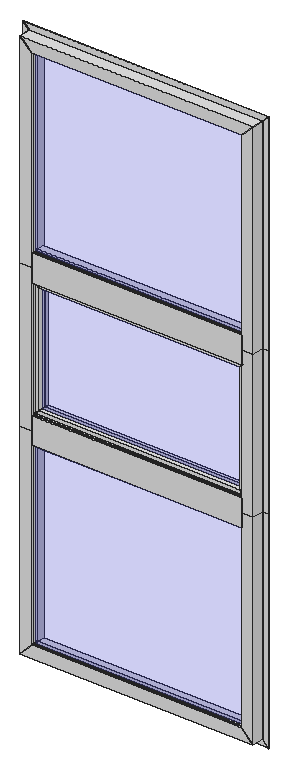
Revit family "511_AWN-AU_stucco key", category Windows, host Wall, Revit 2016 (continued)
Automatic sketch dimensions
  curve 34 to curve 35 = 2 1/2"
  curve 34 to curve 33 = 2 1/2"
  curve 35 to curve 33 = 2 1/2"
  curve 29 to curve 36 = 1 1/2"
  curve 37 to plane 2 "Center (Left/Right)" = 0.3301"
  curve 42 to curve 44 = 2 1/2"
  curve 43 to curve 42 = 2 1/2"
  curve 42 to curve 44 = 0"
  curve 44 to curve 42 = 2 1/2"
  curve 38 to curve 45 = 1 1/2"
  curve 46 to plane 2 "Center (Left/Right)" = 0.04511"
  curve 47 to plane 22 = 0"
  curve 48 to plane 22 = 0"
  curve 49 to curve 53 = 2 1/2"
  curve 54 to curve 49 = 2"
  curve 57 to curve 56 = 0"
  curve 58 to curve 62 = 2 1/2"
  curve 63 to curve 58 = 2"
  curve 66 to curve 65 = 0"
  Extrusion 9 sketch curve to Extrusion 9 sketch curve = 0.74861"
  Extrusion 9 sketch curve to Extrusion 9 sketch curve = 0.62139"
  Extrusion 9 sketch curve to Extrusion 9 sketch curve = 0.7445"
  Extrusion 9 sketch curve to plane 23 = 0.06195"
  Extrusion 10 sketch curve to Extrusion 10 sketch curve = 0.7445"
  Extrusion 10 sketch curve to Extrusion 10 sketch curve = 0.6255"
  Extrusion 8 sketch curve to Extrusion 8 sketch curve = 0.00411"
  Extrusion 8 sketch curve to Extrusion 8 sketch curve = 0.88749"
  Extrusion 7 sketch curve to Extrusion 7 sketch curve = 0.188"
  Extrusion 7 sketch curve to plane 17 = 0.50321"
  Extrusion 7 sketch curve to Extrusion 7 sketch curve = 0.7445"
  Extrusion 7 sketch curve to Extrusion 7 sketch curve = 0.6255"
  Extrusion 5 sketch curve to Extrusion 5 sketch curve = 0.6255"
  plane 20 to Extrusion 5 sketch curve = 0.18515"
  Extrusion 5 sketch curve to Extrusion 5 sketch curve = 0.7445"
  Extrusion 6 sketch curve to Extrusion 6 sketch curve = 0.7445"
  plane 20 to Extrusion 1 sketch curve = 0.18515"
  Extrusion 1 sketch curve to Extrusion 1 sketch curve = 0.7445"
  Extrusion 2 sketch curve to plane 21 = 0.1855"
  Extrusion 2 sketch curve to plane 21 = 0.18215"
  Extrusion 2 sketch curve to Extrusion 2 sketch curve = 3/8"
  Extrusion 2 sketch curve to Extrusion 2 sketch curve = 0.7445"
  plane 21 to Extrusion 4 sketch curve = 0.439"
  plane 21 to Extrusion 4 sketch curve = 0.501"
  Extrusion 4 sketch curve to Extrusion 4 sketch curve = 0.7445"
  Extrusion 3 sketch curve to Extrusion 3 sketch curve = 0.7445"
  plane 20 to Extrusion 3 sketch curve = 1/8"
Types (55): name | MLW3 | MLW2 | MLH | Interior Color | Height | Exterior Color | Width | BSU | BSA | AH
  (no name) | 5 1/4" | 5 1/4" | 24" | White | 114" | White | 48" | 42" | 42" | 30"
  15x36Min | 1 1/2" | 1 1/2" | 7 1/2" | none | 36" | none | 15" | 12" | 12" | 18"
  36x72 | 3" | 3" | 18" | none | 72" | none | 36" | 24" | 24" | 24"
  48x120Max | 5 1/2" | 5 1/2" | 24" | none | 120" | none | 48" | 44" | 44" | 32"
  24x48 | 2" | 2" | 12" | none | 48" | none | 24" | 16" | 16" | 18"
  24x36 | 1 1/2" | 1 1/2" | 12" | none | 36" | none | 24" | 12" | 12" | 12"
  24x42 | 1 1/2" | 1 1/2" | 12" | none | 42" | none | 24" | 12" | 12" | 18"
  24x54 | 2 1/4" | 2 1/4" | 12" | none | 54" | none | 24" | 18" | 18" | 18"
  24x60 | 2 1/2" | 2 1/2" | 12" | none | 60" | none | 24" | 20" | 20" | 20"
  24x66 | 2 3/4" | 2 3/4" | 12" | none | 66" | none | 24" | 22" | 22" | 22"
  24x72 | 3" | 3" | 12" | none | 72" | none | 24" | 24" | 24" | 24"
  24x78 | 3" | 3" | 12" | none | 78" | none | 24" | 24" | 24" | 30"
  24x84 | 3 3/4" | 3 3/4" | 12" | none | 84" | none | 24" | 30" | 30" | 24"
  30x36 | 1 1/2" | 1 1/2" | 15" | none | 36" | none | 30" | 12" | 12" | 12"
  30x42 | 1 1/2" | 1 1/2" | 15" | none | 42" | none | 30" | 12" | 12" | 18"
  30x48 | 1 1/2" | 1 1/2" | 15" | none | 42" | none | 30" | 12" | 12" | 18"
  30x54 | 2 1/4" | 2 1/4" | 15" | none | 54" | none | 30" | 18" | 18" | 18"
  30x60 | 2 1/2" | 2 1/2" | 15" | none | 60" | none | 30" | 20" | 20" | 20"
  30x66 | 2 3/4" | 2 3/4" | 15" | none | 66" | none | 30" | 22" | 22" | 22"
  30x72 | 3" | 3" | 15" | none | 72" | none | 30" | 24" | 24" | 24"
  30x78 | 3" | 3" | 15" | none | 78" | none | 30" | 24" | 24" | 30"
  30x84 | 3 3/4" | 3 3/4" | 15" | none | 84" | none | 30" | 30" | 30" | 24"
  36x42 | 1 1/2" | 1 1/2" | 18" | none | 42" | none | 36" | 12" | 12" | 18"
  36x48 | 2" | 2" | 18" | none | 48" | none | 36" | 16" | 16" | 16"
  36x54 | 2 1/4" | 2 1/4" | 18" | none | 54" | none | 36" | 18" | 18" | 18"
  36x60 | 2 1/2" | 2 1/2" | 18" | none | 60" | none | 36" | 20" | 20" | 20"
  36x66 | 2 3/4" | 2 3/4" | 18" | none | 66" | none | 36" | 22" | 22" | 22"
  36x78 | 3 1/4" | 3 1/4" | 18" | none | 78" | none | 36" | 26" | 26" | 26"
  36x84 | 3 3/4" | 3 3/4" | 18" | none | 84" | none | 36" | 30" | 30" | 24"
  36x90 | 3 3/4" | 3 3/4" | 18" | none | 90" | none | 36" | 30" | 30" | 30"
  42x48 | 2" | 2" | 21" | none | 48" | none | 42" | 16" | 16" | 16"
  42x54 | 2 1/4" | 2 1/4" | 21" | none | 54" | none | 42" | 18" | 18" | 18"
  42x60 | 2 1/2" | 2 1/2" | 21" | none | 60" | none | 42" | 20" | 20" | 20"
  42x66 | 2 3/4" | 2 3/4" | 21" | none | 66" | none | 42" | 22" | 22" | 22"
  42x72 | 3" | 3" | 21" | none | 72" | none | 42" | 24" | 24" | 24"
  42x78 | 3 1/4" | 3 1/4" | 21" | none | 78" | none | 42" | 26" | 26" | 26"
  42x84 | 3 1/2" | 3 1/2" | 21" | none | 84" | none | 42" | 28" | 28" | 28"
  42x90 | 3 3/4" | 3 3/4" | 21" | none | 90" | none | 42" | 30" | 30" | 30"
  42x96 | 4" | 4" | 21" | none | 96" | none | 42" | 32" | 32" | 32"
  42x102 | 4 1/2" | 4 1/2" | 21" | none | 102" | none | 42" | 36" | 36" | 30"
  42x108 | 4 3/4" | 4 3/4" | 21" | none | 108" | none | 42" | 38" | 38" | 32"
  42x114 | 5 1/4" | 5 1/4" | 21" | none | 114" | none | 42" | 42" | 42" | 30"
  42x120 | 5 1/2" | 5 1/2" | 21" | none | 120" | none | 42" | 44" | 44" | 32"
  48x48 | 1 1/2" | 1 1/2" | 24" | none | 48" | none | 48" | 12" | 12" | 24"
  48x54 | 2 1/4" | 2 1/4" | 24" | none | 54" | none | 48" | 18" | 18" | 18"
  48x60 | 2 1/2" | 2 1/2" | 24" | none | 60" | none | 48" | 20" | 20" | 20"
  48x66 | 2 3/4" | 2 3/4" | 24" | none | 66" | none | 48" | 22" | 22" | 22"
  48x72 | 3" | 3" | 24" | none | 72" | none | 48" | 24" | 24" | 24"
  48x78 | 3 1/4" | 3 1/4" | 24" | none | 78" | none | 48" | 26" | 26" | 26"
  48x84 | 3 1/2" | 3 1/2" | 24" | none | 84" | none | 48" | 28" | 28" | 28"
  48x90 | 3 3/4" | 3 3/4" | 24" | none | 90" | none | 48" | 30" | 30" | 30"
  48x96 | 4" | 4" | 24" | none | 96" | none | 48" | 32" | 32" | 32"
  48x102 | 4 1/2" | 4 1/2" | 24" | none | 102" | none | 48" | 36" | 36" | 30"
  48x108 | 4 3/4" | 4 3/4" | 24" | none | 108" | none | 48" | 38" | 38" | 32"
  48x114 | 5 1/4" | 5 1/4" | 24" | White | 114" | White | 48" | 42" | 42" | 30"
